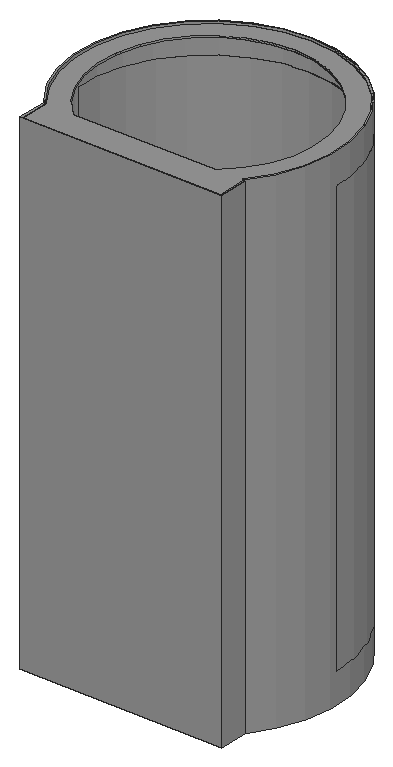
Revit family "3320 Björk_Waste bin", category Furniture Systems, host Wall, Revit 2017
Family settings
  Host = Wall
  Round Connector Dimension = Use Diameter
  Part Type = Normal
  Always vertical = Yes
  Cut with Voids When Loaded = No
  Shared = No
  Room Calculation Point = No
Parameters (values of type "BLACK")
  Karosseri = WHITE
  Front = WHITE
Reference planes
  plane 1 "Wall": y = 0
  plane 2 "Center (Left/Right)": x = 125
  plane 3 "Back": y = 75
Text (mm)
  text "Placement Side" at (-1848.837, 1116.779, 0), in view "Ref. Level"
  text "Placement side" at (0, 1409.804, 2854.306), in view "Left"
  text "Placement side" at (0, 499.811, 2980.732), in view "Right"
Dimensions and locks
  locked: plane 3 "Back" to host wall
  aligned and locked: plane 1 "Wall" to host wall
  aligned and locked: nested 1 to plane 3 "Back"
Nested families
  nested 1: "Master 3320 Waste bin" at (123.673, 75, 360) x (-1, 0, 0) z (0, 0, 1), type "Master 3320 Waste bin"
Definition of nested family "Master 3320 Waste bin"
  Parameters (values of type "Master 3320 Waste bin")
    Karosseri = none
    Front = none
  Reference planes
    plane 1 "Center (Front/Back)": y = 0
    plane 2: z = 0
    plane 3 "Center (Left/Right)": x = 0
  Forms (mm)
    Extrusion 1, solid, material <- "Karosseri"
      sketch origin (0, -111, 0) x (1, 0, 0) y (0, 1, 0)
        loop
          arc (-101.5, 81.227) -> (0, -130) -> (101.5, 81.227) r 130
          line (101.5, 81.227) -> (99.572, 81.227)
          arc (99.572, 81.227) -> (0, -128.5) -> (-99.572, 81.227) r 128.5
          line (-99.572, 81.227) -> (-101.5, 81.227)
      from 0 to 500
    Extrusion 2, solid, material <- "Karosseri"
      sketch origin (0, -111, 0) x (1, 0, 0) y (0, 1, 0)
        loop
          line (-101.5, 111) -> (-101.5, 81.227) -> (-99.572, 81.227) -> (-99.572, 109.5) -> (99.572, 109.5) -> (99.572, 81.227) -> (101.5, 81.227) -> (101.5, 111) -> (-101.5, 111)
      from 0 to 498
    Extrusion 3, solid, material <- "Karosseri"
      sketch origin (-149.841, -111, 498) x (0, -1, 0) y (-1, 0, 0)
        loop
          line (-81.227, -77.907) -> (-81.227, -221.775)
          arc (-81.227, -221.775) -> (108.5, -149.841) -> (-81.227, -77.907) r 108.5
        loop
          arc (-81.227, -249.413) -> (128.5, -149.841) -> (-81.227, -50.27) r 128.5
          line (-81.227, -50.27) -> (-109.5, -50.27) -> (-109.5, -249.413) -> (-81.227, -249.413)
      from 0 to 1.5
    Extrusion 4, solid, material <- "Karosseri"
      sketch origin (0, -111, 0) x (1, 0, 0) y (0, 1, 0)
        loop
          line (99.572, 109.5) -> (-99.572, 109.5) -> (-99.572, 81.227)
          arc (-99.572, 81.227) -> (0, -128.5) -> (99.572, 81.227) r 128.5
          line (99.572, 81.227) -> (99.572, 109.5)
      from 0 to 1.5
    Extrusion 5, void
      sketch origin (168.514, -111, 31) x (0, -1, 0) y (-1, 0, 0)
        loop
          spline (-4.107, 32.134) -> (30.905, 36.156) -> (63.683, 49.102) -> (91.994, 70.091) -> (113.907, 97.691) -> (127.931, 130.023) -> (133.108, 164.883) -> (129.086, 199.895) -> (116.14, 232.673) -> (95.152, 260.983) -> (67.551, 282.897) -> (35.219, 296.92) -> (0.359, 302.097)
          line (0.359, 302.097) -> (-4.107, 32.134)
      from 0 to -438
    Extrusion 6, solid, material <- "Front"
      sketch origin (0, -111, 0) x (1, 0, 0) y (0, 1, 0)
        loop
          arc (128.438, 3.975) -> (2.125, -128.482) -> (-128.5, -0.275) r 128.5
          line (-128.5, -0.275) -> (-129.997, 0.869)
          arc (-129.997, 0.869) -> (2.112, -129.983) -> (129.9, 5.092) r 130
          line (129.9, 5.092) -> (128.438, 3.975)
      from 31 to 469
  Cuts and joins
    Extrusion 5 cuts Extrusion 1
    Extrusion 5 cuts Extrusion 4
  Dimensions and locks
    aligned and locked: level to plane 2
    aligned and locked: Extrusion 6 to cut or joined group of Extrusion 1, Extrusion 5  (x4)
